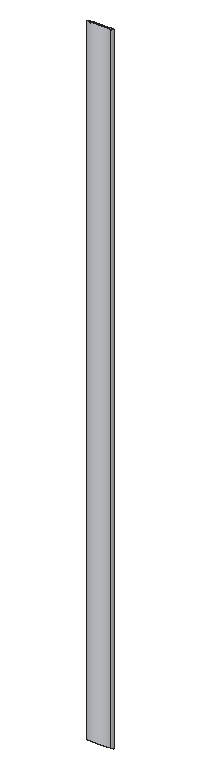
Revit family "M_Baluster - Round1", category Balusters, Revit 2025
Family settings
  OmniClass Number = 23.30.80.11.11.14
  OmniClass Title = Posts, Newel Posts, Pickets
  Always vertical = Yes
  Cut with Voids When Loaded = No
  Shared = No
Parameters (values of type "25mm")
  built-in parameter 1008623 [instance] = 32.47°
  built-in parameter 1008625 [instance] = (empty or 0)
  Post = no
  Diameter = 25 mm
  built-in parameter 1008624 [instance] = 32.47°
  Baluster Material = none
  built-in parameter 1008622 [instance] = 750 mm
Types (2): name
  25mm
  25mm 2
Reference planes
  plane 1 "Center (Front/Back)": y = 0
  plane 2: z = 0
  plane 3 "Center (Left/Right)": x = 0
  plane 4 "Top": z = 750
  plane 5 "Top Angle Cut": through (0, 339.699, 533.838) normal (0, -0.5369, -0.8437)
  plane 6: z = 850
  plane 7: x = -12.5
  plane 8: x = 12.5
  plane 9: z = -100
  plane 10 "Bottom Angel Cut": through (0, 0, 0) normal (0, -0.5369, -0.8437)
  plane 11: y = 25
  plane 12: x = 25
  plane 13: y = -25
  plane 14: x = -25
Forms (mm)
  Extrusion 1, solid, material <- "Baluster Material"
    sketch origin (0, 0, 0) x (1, 0, 0) y (0, 1, 0)
      loop
        circle (0, 0) r 12.5
    from -100 to 850
  Extrusion 2, void
    sketch origin (0, 0, 0) x (0, 1, 0) y (0, 0, 1)
      loop
        line (-25, 850) -> (-25, 765.908) -> (25, 734.092) -> (25, 850) -> (-25, 850)
      loop
        line (-25, -100) -> (25, -100) -> (25, -15.908) -> (-25, 15.908) -> (-25, -100)
    from -25 to 25
Cuts and joins
  Extrusion 2 cuts Extrusion 1
Dimensions and locks
  "built-in parameter 1008622": plane 2 to plane 4 "Top"
  locked: plane 4 "Top" to plane 6 at 100
  equal spacing: plane 7, plane 3 "Center (Left/Right)", plane 8
  "Diameter": plane 7 to plane 8
  locked: plane 9 to level at 100
  "Diameter": plane 14 to plane 3 "Center (Left/Right)"
  "Diameter": plane 3 "Center (Left/Right)" to plane 12
  "Diameter": plane 1 "Center (Front/Back)" to plane 11
  "Diameter": plane 13 to plane 1 "Center (Front/Back)"
  "built-in parameter 1008623": angle plane 4 "Top" to plane 5 "Top Angle Cut"
  "built-in parameter 1008624": angle level to plane 10 "Bottom Angel Cut"
  aligned and locked: Extrusion 1 to plane 6
  aligned and locked: plane 9 to Extrusion 1
  aligned and locked: Extrusion 2 to plane 14
  aligned and locked: Extrusion 2 to plane 12
  aligned and locked: plane 6 to Extrusion 2 sketch curve
  aligned and locked: plane 11 to Extrusion 2 sketch curve
  aligned and locked: plane 13 to Extrusion 2 sketch curve  (x2)
  aligned and locked: Extrusion 2 sketch curve to plane 5 "Top Angle Cut"
  aligned and locked: plane 9 to Extrusion 2 sketch curve
  aligned and locked: Extrusion 2 sketch curve to plane 11
  aligned and locked: Extrusion 2 sketch curve to plane 10 "Bottom Angel Cut"
Automatic sketch dimensions
  Extrusion 1 sketch curve to plane 7 = 0 mm
  Extrusion 1 sketch curve to plane 1 "Center (Front/Back)" = 0 mm
  Extrusion 1 sketch curve to plane 3 "Center (Left/Right)" = 0 mm
